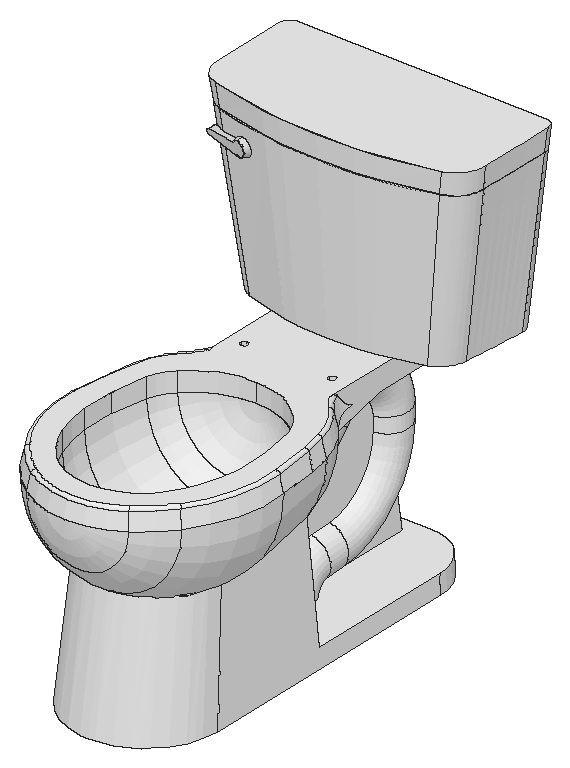
Revit family "Plumbing-Pressure-Assist-Water-Closet-Sloan-Valve-WETS-80098010_", category Plumbing Fixtures, host Face, Revit 2019
Family settings
  Host = Face
  Round Connector Dimension = Use Diameter
  Part Type = Normal
  OmniClass Number = 23.45.05.21.11.11
  OmniClass Title = Water Operated Water Closets
  Cut with Voids When Loaded = No
  Shared = No
  Room Calculation Point = No
Parameters (values of type "WETS-8009.8010")
  Width = 18 1/4"  # constant formula
  Water Closet Code = "2108009"
  Valve Pressure Drop = 0.00 psi
  Tank Code = "2108010"
  Sanitary Drain Connector Description = "Sanitary Drain Connector d2 1/8\""
  Sanitary Drain Connection Diameter = 2 1/8"  # constant formula
  Real Distance to Wall [instance] = if(Distance to Wall < 3/4", 3/4", Distance to Wall)  # 3/4"
  Waste Connection = yes
  WFU = 10
  Vent Connection = yes
  URL = "www.sloanvalve.com"
  Product data url = "https://bimobject.com/sloan_valve/product/pressure-assist-water-closets_sloan_wets-80098010"
  Product Material = Sloan Valve - Vitreous China - White
  Product Guid = ""
  Part Number = "WETS-8009.8010"
  Model = "WETS-8009.8010"
  Minimum Static Pressure = "20 PSI (138 kPa)"  # constant formula
  Maximum Static Pressure = "80 PSI (552 kPa)"  # constant formula
  Manufacturer = "Sloan Valve"  # constant formula
  Keynote = "15410"
  Height = 28 1/4"  # constant formula
  HWFU = 0
  HW Connection = yes
  Flush Rate = "1.28 gpf (4.8 Lpf)"
  Depth = 30 3/8"  # constant formula
  Cold Water Connector Description = "Cold Water Connector d1/2\""
  Cold Water Connection Diameter = 1/2"  # constant formula
  Edition number = 1
  Distance to Wall [instance] = 3/4"
  Description = "Floor-Mounted 1.28 gpf (4.8 Lpf) 12\" Rough-in Pressure-Assisted/Tank Toilet."
  Default Elevation = 0"
  CWFU = 10
  CW Connection = yes
  Assembly Code = "D2010"
  ADA Compliant [instance] = 1 = 2  # no
Reference planes
  plane 1 "Center (Front/Back)": y = 0
  plane 2: z = 0
  plane 3 "Center (Left/Right)": x = 0
  plane 4: x = -201.612
  plane 5: x = 201.613
  plane 6: y = -762.786
  plane 7: y = -19.05
  plane 8: x = -201.612
  plane 9: x = 201.613
  plane 10: y = -756.436
  plane 11: y = -12.7
Forms (mm)
  Blend 1, solid, material "Sloan Valve - Vitreous China - White" <- "Product Material"
    base sketch origin (0, 0, 0) x (1, 0, 0) y (0, 1, 0)
      loop
        arc (-34.925, -45.045) -> (-97.787, -71.084) -> (-123.825, -133.945) r 88.9
        line (-123.825, -133.945) -> (-123.825, -615.95)
        arc (-123.825, -615.95) -> (0, -739.775) -> (123.825, -615.95) r 123.825
        line (123.825, -615.95) -> (123.825, -133.945)
        arc (123.825, -133.945) -> (97.787, -71.084) -> (34.925, -45.045) r 88.9
        line (34.925, -45.045) -> (-34.925, -45.045)
    top sketch origin (0, 0, 0) x (1, 0, 0) y (0, 1, 0)
      loop
        arc (-109.537, -584.301) -> (0, -693.838) -> (109.537, -584.301) r 109.537
        line (109.537, -584.301) -> (109.537, -133.945)
        arc (109.537, -133.945) -> (83.499, -71.084) -> (20.637, -45.045) r 88.9
        line (20.637, -45.045) -> (-20.637, -45.045)
        arc (-20.637, -45.045) -> (-83.499, -71.084) -> (-109.537, -133.945) r 88.9
        line (-109.537, -133.945) -> (-109.537, -584.301)
    from 0 to 312.058
  Extrusion 2, solid, material "Sloan Valve - Vitreous China - White" <- "Product Material"
    sketch origin (0, 0, -25.4) x (0, 1, 0) y (0, 0, 1)
      loop
        line (-369.05, 348.14) -> (-241.882, 379.846) -> (-70.211, 379.846) -> (-64.931, 440.2) -> (-185.947, 440.2)
        arc (-185.947, 440.2) -> (-192.127, 425.28) -> (-207.047, 419.1) r 21.1
        line (-207.047, 419.1) -> (-369.05, 419.1) -> (-369.05, 348.14)
    from -104.047 to 104.047
  Sweep 3, solid, material "Sloan Valve - Vitreous China - White" <- "Product Material"
    path origin (0, 0, 0) x (0, 1, 0) y (0, 0, 1)
      loop
        line (-304.8, 0) -> (-304.8, 30.289)
        arc (-304.8, 30.289) -> (-293.174, 59.429) -> (-264.682, 72.564) r 42.333
        line (-264.682, 72.564) -> (-226.487, 74.566)
        arc (-226.487, 74.566) -> (-134.627, 116.914) -> (-97.145, 210.864) r 136.485
        line (-97.145, 210.864) -> (-97.145, 236.948)
        arc (-97.145, 236.948) -> (-144.28, 307.387) -> (-227.373, 290.682) r 76.2
        arc (-227.373, 290.682) -> (-233.15, 284.615) -> (-238.657, 278.301) r 192.236
        arc (-238.657, 278.301) -> (-334.604, 206.706) -> (-452.54, 186.145) r 257.901
    profile origin (0, -304.8, 15.145) x (0, -1, 0) y (1, 0, 0)
      loop
        circle (0, 0) r 38.1
  Extrusion 4, solid, material "Sloan Valve - Vitreous China - White" <- "Product Material"
    sketch origin (22.443, 0, 0) x (0, 1, 0) y (0, 0, 1)
      loop
        line (-68.2, 389.4) -> (-235.377, 389.4) -> (-261.569, 382.87) -> (-496.95, 175.082) -> (-484.132, 28.575) -> (-70.397, 28.575)
        arc (-70.397, 28.575) -> (-82.455, 126.803) -> (-68.088, 224.72) r 370.607
        arc (-68.088, 224.72) -> (-59.936, 265.377) -> (-58.507, 306.818) r 254
        arc (-58.507, 306.818) -> (-61.916, 348.278) -> (-68.2, 389.4) r 598.021
    from -28.793 to -16.093
  Extrusion 5, solid, not visible
    sketch origin (0, 0, 0) x (1, 0, 0) y (0, 0, 1)
      loop
        circle (-152.4, 254) r 6.35
    from 0 to 0.794
  Blend 6, solid, material "Sloan Valve - Vitreous China - White" <- "Product Material"
    base sketch origin (0, 0.822, 430.81) x (1, 0, 0) y (0, 1, 0)
      loop
        line (-196.16, -48.519) -> (-186.739, -156.202)
        arc (-186.739, -156.202) -> (-176.518, -182.59) -> (-153.766, -199.416) r 50.8
        arc (-153.766, -199.416) -> (0, -226.96) -> (153.766, -199.416) r 442.975
        arc (153.766, -199.416) -> (176.518, -182.59) -> (186.739, -156.202) r 50.8
        line (186.739, -156.202) -> (196.16, -48.519)
        arc (196.16, -48.519) -> (191.227, -33.989) -> (177.182, -27.809) r 19.05
        line (177.182, -27.809) -> (-177.182, -27.809)
        arc (-177.182, -27.809) -> (-191.227, -33.989) -> (-196.16, -48.519) r 19.05
    top sketch origin (0, 0.822, 430.81) x (1, 0, 0) y (0, 1, 0)
      loop
        arc (-212.725, -19.872) -> (-226.195, -25.451) -> (-231.775, -38.922) r 19.05
        line (-231.775, -38.922) -> (-231.775, -172.47)
        arc (-231.775, -172.47) -> (-221.507, -203.094) -> (-194.854, -221.338) r 50.8
        arc (-194.854, -221.338) -> (0, -248.472) -> (194.854, -221.338) r 713.209
        arc (194.854, -221.338) -> (221.507, -203.094) -> (231.775, -172.47) r 50.8
        line (231.775, -172.47) -> (231.775, -38.922)
        arc (231.775, -38.922) -> (226.195, -25.451) -> (212.725, -19.872) r 19.05
        line (212.725, -19.872) -> (-212.725, -19.872)
    from -37.11 to 286.74
  Extrusion 7, solid, material "Sloan Valve - Finish - Polished Chrome"
    sketch origin (-20.292, -269.587, 900.595) x (-0.97881, 0.203994, 0.017847) y (0, 0.087156, -0.996195)
      loop
        line (127, 257.261) -> (188.747, 261.579)
        arc (188.747, 261.579) -> (192.467, 265.466) -> (188.955, 269.542) r 4.001
        line (188.955, 269.542) -> (127, 277.149) -> (127, 257.261)
    from 0 to 12.7
  Revolve 8, solid, material "Sloan Valve - Finish - Polished Chrome"
    sketch origin (-369.854, -1316.287, 809.02) x (-0.204773, -0.975085, -0.085309) y (0, 0.087156, -0.996195)
      loop
        line (-1100.014, 265.639) -> (-1087.314, 265.639) -> (-1087.314, 277.803) -> (-1087.756, 278.482) -> (-1100.014, 282.465) -> (-1100.014, 265.639)
      axis (-1100.014, 265.639) -> (-1087.314, 265.639)
    angle from 0 to 360
  Revolve 9, solid, material "Sloan Valve - Vitreous China - White" <- "Product Material"
    sketch origin (0, -107.509, 360.363) x (1, 0, 0) y (0, 1, 0)
      loop
        line (0, -683.066) -> (0, -633.619)
        arc (0, -633.619) -> (-54.455, -620.155) -> (-96.361, -582.866) r 116.854
        arc (-96.361, -582.866) -> (-108.844, -562.27) -> (-118.928, -540.399) r 213.603
        arc (-118.928, -540.399) -> (-129.044, -507.813) -> (-134.203, -474.085) r 228.843
        arc (-134.203, -474.085) -> (-133.643, -413.542) -> (-122.68, -353.997) r 350.763
        arc (-122.68, -353.997) -> (-114.097, -332.991) -> (-100.788, -314.61) r 95.25
        arc (-100.788, -314.61) -> (-55.004, -282.028) -> (0, -270.524) r 137.251
        line (0, -270.524) -> (0, -209.239)
        arc (0, -209.239) -> (-18.194, -209.694) -> (-36.342, -211.057) r 364.157
        arc (-36.342, -211.057) -> (-122.715, -249.087) -> (-170.133, -330.684) r 152.4
        arc (-170.133, -330.684) -> (-180.229, -386.679) -> (-186.583, -443.221) r 855.912
        arc (-186.583, -443.221) -> (-178.018, -528.288) -> (-140.189, -604.962) r 240.102
        arc (-140.189, -604.962) -> (-116.352, -632.223) -> (-88.426, -655.277) r 223.457
        arc (-88.426, -655.277) -> (-46.345, -675.956) -> (0, -683.066) r 154.581
      axis (0, -209.239) -> (0, -683.066)
    angle from 0 to 180
  Extrusion 10, solid, material "Vitreous China-Sloan-White"
    sketch origin (0, -122.297, -1.685) x (1, 0, 0) y (0, 0, 1)
      loop
        arc (57.698, 221.011) -> (0.981, 212.195) -> (-56.307, 215.748) r 266.082
        line (-56.307, 215.748) -> (-39.243, 151.174)
        arc (-39.243, 151.174) -> (0, 120.954) -> (39.243, 151.174) r 40.59
        line (39.243, 151.174) -> (57.698, 221.011)
    from 346.299 to 429.496
  Blend 11, solid, material "Sloan Valve - Vitreous China - White" <- "Product Material"
    base sketch origin (0, -108.545, 375.1) x (1, 0, 0) y (0, 0, 1)
      loop
        line (25.325, -14.42) -> (-25.325, -14.42) -> (-25.325, -20.654)
        arc (-25.325, -20.654) -> (0, -45.979) -> (25.325, -20.654) r 25.325
        line (25.325, -20.654) -> (25.325, -14.42)
    top sketch origin (0, -108.545, 375.1) x (1, 0, 0) y (0, 0, 1)
      loop
        line (46.038, -14.42) -> (-46.037, -14.42) -> (-46.037, -23.887)
        arc (-46.037, -23.887) -> (0, -69.925) -> (46.038, -23.887) r 46.037
        line (46.038, -23.887) -> (46.038, -14.42)
    from 129.035 to 108.105
  Blend 12, solid, material "Sloan Valve - Vitreous China - White" <- "Product Material"
    base sketch origin (0, -108.545, 375.1) x (1, 0, 0) y (0, 0, 1)
      loop
        line (46.038, -14.42) -> (-46.037, -14.42) -> (-46.037, -23.887)
        arc (-46.037, -23.887) -> (0, -69.925) -> (46.038, -23.887) r 46.037
        line (46.038, -23.887) -> (46.038, -14.42)
    top sketch origin (0, -108.545, 375.1) x (1, 0, 0) y (0, 0, 1)
      loop
        line (46.038, -14.42) -> (-46.037, -14.42) -> (-46.037, -43.731)
        arc (-46.037, -43.731) -> (0, -89.769) -> (46.038, -43.731) r 46.038
        line (46.038, -43.731) -> (46.038, -14.42)
    from 108.105 to 38.1
  Sweep 13, solid, material "Sloan Valve - Vitreous China - White" <- "Product Material"
    path origin (0, -122.297, 0) x (0, 1, 0) y (0, 0, 1)
      loop
        arc (-352.549, 201.173) -> (-327.484, 201.16) -> (-302.744, 205.182) r 155.194
        arc (-302.744, 205.182) -> (-278.132, 217.142) -> (-260.549, 238.11) r 65.532
        arc (-260.549, 238.11) -> (-246.125, 268.805) -> (-234.718, 300.744) r 352.298
        arc (-234.718, 300.744) -> (-234.446, 301.431) -> (-234.066, 302.064) r 4.499
        arc (-234.066, 302.064) -> (-210.936, 321.963) -> (-181.277, 329.121) r 65.024
        line (-181.277, 329.121) -> (-115.283, 329.121)
    profile origin (0, -270.577, 329.121) x (0, 0, 1) y (1, 0, 0)
      loop
        line (25.325, -25.325) -> (25.325, 25.325)
        arc (25.325, 25.325) -> (0, 0) -> (25.325, -25.325) r 25.325
  Sweep 14, solid, material "Sloan Valve - Vitreous China - White" <- "Product Material"
    path origin (0, 0, 0) x (1, 0, 0) y (0, 1, 0)
      loop
        line (-104.047, -185.947) -> (-104.047, -295.646)
        arc (-104.047, -295.646) -> (-111.251, -333.222) -> (-131.841, -365.47) r 101.6
        arc (-131.841, -365.47) -> (-155.982, -399.201) -> (-170.133, -438.192) r 152.4
        arc (-170.133, -438.192) -> (-174.125, -457.895) -> (-177.652, -477.686) r 855.912
        arc (-177.652, -477.686) -> (-182.903, -514.112) -> (-186.583, -550.729) r 855.912
        arc (-186.583, -550.729) -> (-178.018, -635.797) -> (-140.189, -712.47) r 240.102
        arc (-140.189, -712.47) -> (-116.352, -739.732) -> (-88.426, -762.786) r 223.457
        arc (-88.426, -762.786) -> (0, -790.575) -> (88.426, -762.786) r 154.581
        arc (88.426, -762.786) -> (116.352, -739.732) -> (140.189, -712.47) r 223.457
        arc (140.189, -712.47) -> (178.018, -635.797) -> (186.583, -550.729) r 240.102
        arc (186.583, -550.729) -> (182.903, -514.112) -> (177.652, -477.686) r 855.912
        arc (177.652, -477.686) -> (174.125, -457.895) -> (170.133, -438.192) r 855.912
        arc (170.133, -438.192) -> (155.982, -399.201) -> (131.841, -365.47) r 152.4
        arc (131.841, -365.47) -> (111.251, -333.222) -> (104.047, -295.646) r 101.6
        line (104.047, -295.646) -> (104.047, -185.947)
    profile origin (0, -790.575, 0) x (0, 1, 0) y (0, 0, 1)
      loop
        line (0, 360.362) -> (18.191, 360.362) -> (18.191, 393.7) -> (12.748, 393.7)
        arc (12.748, 393.7) -> (8.795, 392.32) -> (6.56, 388.778) r 6.35
        line (6.56, 388.778) -> (0, 360.362)
  Extrusion 15, void
    sketch origin (0, 0, 0) x (1, 0, 0) y (0, 1, 0)
      loop
        arc (118.928, -647.907) -> (129.044, -615.321) -> (134.203, -581.593) r 228.843
        arc (134.203, -581.593) -> (135.243, -552.98) -> (133.946, -524.377) r 350.763
        arc (133.946, -524.377) -> (129.747, -492.684) -> (122.68, -461.506) r 350.763
        arc (122.68, -461.506) -> (114.097, -440.499) -> (100.788, -422.119) r 95.25
        arc (100.788, -422.119) -> (55.004, -389.536) -> (0, -378.032) r 137.251
        arc (0, -378.032) -> (-55.004, -389.536) -> (-100.788, -422.119) r 137.251
        arc (-100.788, -422.119) -> (-114.097, -440.499) -> (-122.68, -461.506) r 95.25
        arc (-122.68, -461.506) -> (-129.747, -492.684) -> (-133.946, -524.377) r 350.763
        arc (-133.946, -524.377) -> (-135.243, -552.98) -> (-134.203, -581.593) r 350.763
        arc (-134.203, -581.593) -> (-129.044, -615.321) -> (-118.928, -647.907) r 228.843
        arc (-118.928, -647.907) -> (-108.844, -669.778) -> (-96.361, -690.375) r 213.603
        arc (-96.361, -690.375) -> (-54.455, -727.664) -> (0, -741.127) r 116.854
        arc (0, -741.127) -> (54.455, -727.664) -> (96.361, -690.375) r 116.854
        arc (96.361, -690.375) -> (108.844, -669.778) -> (118.928, -647.907) r 213.603
    from 360.362 to 393.7
  Extrusion 16, solid, material "Sloan Valve - Vitreous China - White" <- "Product Material"
    sketch origin (0, 0, 0) x (1, 0, 0) y (0, 1, 0)
      loop
        arc (-168.448, -552.159) -> (-160.532, -630.781) -> (-125.569, -701.646) r 221.912
        arc (-125.569, -701.646) -> (-103.673, -726.688) -> (-78.02, -747.865) r 205.266
        arc (-78.02, -747.865) -> (0, -772.384) -> (78.02, -747.865) r 136.39
        arc (78.02, -747.865) -> (103.673, -726.688) -> (125.569, -701.646) r 205.266
        arc (125.569, -701.646) -> (160.532, -630.781) -> (168.448, -552.159) r 221.912
        arc (168.448, -552.159) -> (164.847, -516.319) -> (159.708, -480.668) r 837.721
        arc (159.708, -480.668) -> (156.255, -461.297) -> (152.348, -442.013) r 837.721
        arc (152.348, -442.013) -> (139.886, -407.676) -> (118.627, -377.971) r 134.209
        arc (118.627, -377.971) -> (110.867, -368.903) -> (104.047, -359.107) r 119.791
        line (104.047, -359.107) -> (104.047, -369.05) -> (-104.047, -369.05) -> (-104.047, -359.107)
        arc (-104.047, -359.107) -> (-110.867, -368.903) -> (-118.627, -377.971) r 119.791
        arc (-118.627, -377.971) -> (-139.886, -407.676) -> (-152.348, -442.013) r 134.209
        arc (-152.348, -442.013) -> (-156.255, -461.297) -> (-159.708, -480.668) r 837.721
        arc (-159.708, -480.668) -> (-164.847, -516.319) -> (-168.448, -552.159) r 837.721
    from 360.362 to 393.7
  Extrusion 17, void
    sketch origin (0, 0, 0) x (0, 1, 0) y (0, 0, 1)
      loop
        line (-419.1, 368.114) -> (-395.566, 31.564) -> (-10.202, 31.564) -> (-10.202, 368.114) -> (-419.1, 368.114)
    from -219.74 to 304.8
  Revolve 18, void
    sketch origin (0, -107.509, 360.363) x (1, 0, 0) y (0, 1, 0)
      loop
        line (0, -639.969) -> (0, -264.174)
        arc (0, -264.174) -> (-57.549, -276.21) -> (-105.451, -310.3) r 143.601
        arc (-105.451, -310.3) -> (-119.647, -329.906) -> (-128.802, -352.313) r 101.6
        arc (-128.802, -352.313) -> (-139.964, -412.935) -> (-140.534, -474.574) r 357.113
        arc (-140.534, -474.574) -> (-135.232, -509.238) -> (-124.835, -542.728) r 235.193
        arc (-124.835, -542.728) -> (-114.451, -565.249) -> (-101.598, -586.458) r 219.953
        arc (-101.598, -586.458) -> (-57.414, -625.773) -> (0, -639.969) r 123.204
      axis (0, -264.174) -> (0, -639.969)
    angle from 0 to 180
  Extrusion 19, void
    sketch origin (0, 0, 0) x (1, 0, 0) y (0, 1, 0)
      loop
        arc (-212.725, -19.05) -> (-226.195, -24.63) -> (-231.775, -38.1) r 19.05
        line (-231.775, -38.1) -> (-231.775, -171.649)
        arc (-231.775, -171.649) -> (-221.507, -202.272) -> (-194.854, -220.516) r 50.8
        arc (-194.854, -220.516) -> (0, -247.65) -> (194.854, -220.516) r 713.209
        arc (194.854, -220.516) -> (221.507, -202.272) -> (231.775, -171.649) r 50.8
        line (231.775, -171.649) -> (231.775, -38.1)
        arc (231.775, -38.1) -> (226.195, -24.63) -> (212.725, -19.05) r 19.05
        line (212.725, -19.05) -> (-212.725, -19.05)
      loop
        line (-225.425, -38.1) -> (-225.425, -171.649)
        arc (-225.425, -171.649) -> (-216.441, -198.444) -> (-193.119, -214.408) r 44.45
        arc (-193.119, -214.408) -> (0, -241.3) -> (193.119, -214.408) r 706.859
        arc (193.119, -214.408) -> (216.441, -198.444) -> (225.425, -171.649) r 44.45
        line (225.425, -171.649) -> (225.425, -38.1)
        arc (225.425, -38.1) -> (221.705, -29.12) -> (212.725, -25.4) r 12.7
        line (212.725, -25.4) -> (-212.725, -25.4)
        arc (-212.725, -25.4) -> (-221.705, -29.12) -> (-225.425, -38.1) r 12.7
    from 678.093 to 679.681
  Extrusion 20, void
    sketch origin (0, 0, 0) x (1, 0, 0) y (0, 1, 0)
      loop
        circle (-76.2, -307.975) r 6.35
      loop
        circle (76.2, -307.975) r 6.35
    from 341.312 to 499.954
  Blend 21, solid, material "Sloan Valve - Vitreous China - White" <- "Product Material", not visible
    base sketch origin (0, 6.35, 0) x (1, 0, 0) y (0, 1, 0)
      loop
        arc (-34.925, -45.045) -> (-97.787, -71.084) -> (-123.825, -133.945) r 88.9
        line (-123.825, -133.945) -> (-123.825, -615.95)
        arc (-123.825, -615.95) -> (0, -739.775) -> (123.825, -615.95) r 123.825
        line (123.825, -615.95) -> (123.825, -133.945)
        arc (123.825, -133.945) -> (97.787, -71.084) -> (34.925, -45.045) r 88.9
        line (34.925, -45.045) -> (-34.925, -45.045)
    top sketch origin (0, 6.35, 0) x (1, 0, 0) y (0, 1, 0)
      loop
        arc (-109.537, -584.301) -> (0, -693.838) -> (109.537, -584.301) r 109.537
        line (109.537, -584.301) -> (109.537, -133.945)
        arc (109.537, -133.945) -> (83.499, -71.084) -> (20.637, -45.045) r 88.9
        line (20.637, -45.045) -> (-20.637, -45.045)
        arc (-20.637, -45.045) -> (-83.499, -71.084) -> (-109.537, -133.945) r 88.9
        line (-109.537, -133.945) -> (-109.537, -584.301)
    from 0 to 312.058
  Extrusion 22, solid, material "Sloan Valve - Vitreous China - White" <- "Product Material", not visible
    sketch origin (0, 6.35, -25.4) x (0, 1, 0) y (0, 0, 1)
      loop
        line (-369.05, 348.14) -> (-241.882, 379.846) -> (-70.211, 379.846) -> (-64.931, 440.2) -> (-185.947, 440.2)
        arc (-185.947, 440.2) -> (-192.127, 425.28) -> (-207.047, 419.1) r 21.1
        line (-207.047, 419.1) -> (-369.05, 419.1) -> (-369.05, 348.14)
    from -104.047 to 104.047
  Sweep 23, solid, material "Sloan Valve - Vitreous China - White" <- "Product Material", not visible
    path origin (0, 6.35, 0) x (0, 1, 0) y (0, 0, 1)
      loop
        line (-304.8, 0) -> (-304.8, 30.289)
        arc (-304.8, 30.289) -> (-293.174, 59.429) -> (-264.682, 72.564) r 42.333
        line (-264.682, 72.564) -> (-226.487, 74.566)
        arc (-226.487, 74.566) -> (-134.627, 116.914) -> (-97.145, 210.864) r 136.485
        line (-97.145, 210.864) -> (-97.145, 236.948)
        arc (-97.145, 236.948) -> (-144.28, 307.387) -> (-227.373, 290.682) r 76.2
        arc (-227.373, 290.682) -> (-233.15, 284.615) -> (-238.657, 278.301) r 192.236
        arc (-238.657, 278.301) -> (-334.604, 206.706) -> (-452.54, 186.145) r 257.901
    profile origin (0, -298.45, 15.145) x (0, -1, 0) y (1, 0, 0)
      loop
        circle (0, 0) r 38.1
  Extrusion 24, solid, material "Sloan Valve - Vitreous China - White" <- "Product Material", not visible
    sketch origin (22.443, 6.35, 0) x (0, 1, 0) y (0, 0, 1)
      loop
        line (-68.2, 389.4) -> (-235.377, 389.4) -> (-261.569, 382.87) -> (-496.95, 175.082) -> (-484.132, 28.575) -> (-70.397, 28.575)
        arc (-70.397, 28.575) -> (-82.455, 126.803) -> (-68.088, 224.72) r 370.607
        arc (-68.088, 224.72) -> (-59.936, 265.377) -> (-58.507, 306.818) r 254
        arc (-58.507, 306.818) -> (-61.916, 348.278) -> (-68.2, 389.4) r 598.021
    from -28.793 to -16.093
  Blend 25, solid, material "Sloan Valve - Vitreous China - White" <- "Product Material", not visible
    base sketch origin (0, 7.172, 430.81) x (1, 0, 0) y (0, 1, 0)
      loop
        line (-196.16, -48.519) -> (-186.739, -156.202)
        arc (-186.739, -156.202) -> (-176.518, -182.59) -> (-153.766, -199.416) r 50.8
        arc (-153.766, -199.416) -> (0, -226.96) -> (153.766, -199.416) r 442.975
        arc (153.766, -199.416) -> (176.518, -182.59) -> (186.739, -156.202) r 50.8
        line (186.739, -156.202) -> (196.16, -48.519)
        arc (196.16, -48.519) -> (191.227, -33.989) -> (177.182, -27.809) r 19.05
        line (177.182, -27.809) -> (-177.182, -27.809)
        arc (-177.182, -27.809) -> (-191.227, -33.989) -> (-196.16, -48.519) r 19.05
    top sketch origin (0, 7.172, 430.81) x (1, 0, 0) y (0, 1, 0)
      loop
        arc (-212.725, -19.872) -> (-226.195, -25.451) -> (-231.775, -38.922) r 19.05
        line (-231.775, -38.922) -> (-231.775, -172.47)
        arc (-231.775, -172.47) -> (-221.507, -203.094) -> (-194.854, -221.338) r 50.8
        arc (-194.854, -221.338) -> (0, -248.472) -> (194.854, -221.338) r 713.209
        arc (194.854, -221.338) -> (221.507, -203.094) -> (231.775, -172.47) r 50.8
        line (231.775, -172.47) -> (231.775, -38.922)
        arc (231.775, -38.922) -> (226.195, -25.451) -> (212.725, -19.872) r 19.05
        line (212.725, -19.872) -> (-212.725, -19.872)
    from -37.11 to 286.74
  Extrusion 26, solid, material "Sloan Valve - Finish - Polished Chrome", not visible
    sketch origin (-20.292, -263.237, 900.595) x (-0.97881, 0.203994, 0.017847) y (0, 0.087156, -0.996195)
      loop
        line (127, 257.261) -> (188.747, 261.579)
        arc (188.747, 261.579) -> (192.467, 265.466) -> (188.955, 269.542) r 4.001
        line (188.955, 269.542) -> (127, 277.149) -> (127, 257.261)
    from 0 to 12.7
  Revolve 27, solid, material "Sloan Valve - Finish - Polished Chrome", not visible
    sketch origin (-369.854, -1309.937, 809.02) x (-0.204773, -0.975085, -0.085309) y (0, 0.087156, -0.996195)
      loop
        line (-1100.014, 265.639) -> (-1087.314, 265.639) -> (-1087.314, 277.803) -> (-1087.756, 278.482) -> (-1100.014, 282.465) -> (-1100.014, 265.639)
      axis (-1100.014, 265.639) -> (-1087.314, 265.639)
    angle from 0 to 360
  Revolve 28, solid, material "Sloan Valve - Vitreous China - White" <- "Product Material", not visible
    sketch origin (0, -101.159, 360.363) x (1, 0, 0) y (0, 1, 0)
      loop
        line (0, -683.066) -> (0, -633.619)
        arc (0, -633.619) -> (-54.455, -620.155) -> (-96.361, -582.866) r 116.854
        arc (-96.361, -582.866) -> (-108.844, -562.27) -> (-118.928, -540.399) r 213.603
        arc (-118.928, -540.399) -> (-129.044, -507.813) -> (-134.203, -474.085) r 228.843
        arc (-134.203, -474.085) -> (-133.643, -413.542) -> (-122.68, -353.997) r 350.763
        arc (-122.68, -353.997) -> (-114.097, -332.991) -> (-100.788, -314.61) r 95.25
        arc (-100.788, -314.61) -> (-55.004, -282.028) -> (0, -270.524) r 137.251
        line (0, -270.524) -> (0, -209.239)
        arc (0, -209.239) -> (-18.194, -209.694) -> (-36.342, -211.057) r 364.157
        arc (-36.342, -211.057) -> (-122.715, -249.087) -> (-170.133, -330.684) r 152.4
        arc (-170.133, -330.684) -> (-180.229, -386.679) -> (-186.583, -443.221) r 855.912
        arc (-186.583, -443.221) -> (-178.018, -528.288) -> (-140.189, -604.962) r 240.102
        arc (-140.189, -604.962) -> (-116.352, -632.223) -> (-88.426, -655.277) r 223.457
        arc (-88.426, -655.277) -> (-46.345, -675.956) -> (0, -683.066) r 154.581
      axis (0, -209.239) -> (0, -683.066)
    angle from 0 to 180
  Extrusion 29, solid, material "Vitreous China-Sloan-White", not visible
    sketch origin (0, -115.947, -1.685) x (1, 0, 0) y (0, 0, 1)
      loop
        arc (57.698, 221.011) -> (0.981, 212.195) -> (-56.307, 215.748) r 266.082
        line (-56.307, 215.748) -> (-39.243, 151.174)
        arc (-39.243, 151.174) -> (0, 120.954) -> (39.243, 151.174) r 40.59
        line (39.243, 151.174) -> (57.698, 221.011)
    from 346.299 to 429.496
  Blend 30, solid, material "Sloan Valve - Vitreous China - White" <- "Product Material", not visible
    base sketch origin (0, -102.195, 375.1) x (1, 0, 0) y (0, 0, 1)
      loop
        line (25.325, -14.42) -> (-25.325, -14.42) -> (-25.325, -20.654)
        arc (-25.325, -20.654) -> (0, -45.979) -> (25.325, -20.654) r 25.325
        line (25.325, -20.654) -> (25.325, -14.42)
    top sketch origin (0, -102.195, 375.1) x (1, 0, 0) y (0, 0, 1)
      loop
        line (46.038, -14.42) -> (-46.037, -14.42) -> (-46.037, -23.887)
        arc (-46.037, -23.887) -> (0, -69.925) -> (46.038, -23.887) r 46.037
        line (46.038, -23.887) -> (46.038, -14.42)
    from 129.035 to 108.105
  Blend 31, solid, material "Sloan Valve - Vitreous China - White" <- "Product Material", not visible
    base sketch origin (0, -102.195, 375.1) x (1, 0, 0) y (0, 0, 1)
      loop
        line (46.038, -14.42) -> (-46.037, -14.42) -> (-46.037, -23.887)
        arc (-46.037, -23.887) -> (0, -69.925) -> (46.038, -23.887) r 46.037
        line (46.038, -23.887) -> (46.038, -14.42)
    top sketch origin (0, -102.195, 375.1) x (1, 0, 0) y (0, 0, 1)
      loop
        line (46.038, -14.42) -> (-46.037, -14.42) -> (-46.037, -43.731)
        arc (-46.037, -43.731) -> (0, -89.769) -> (46.038, -43.731) r 46.038
        line (46.038, -43.731) -> (46.038, -14.42)
    from 108.105 to 38.1
  Sweep 32, solid, material "Sloan Valve - Vitreous China - White" <- "Product Material", not visible
    path origin (0, -115.947, 0) x (0, 1, 0) y (0, 0, 1)
      loop
        arc (-352.549, 201.173) -> (-327.484, 201.16) -> (-302.744, 205.182) r 155.194
        arc (-302.744, 205.182) -> (-278.132, 217.142) -> (-260.549, 238.11) r 65.532
        arc (-260.549, 238.11) -> (-246.125, 268.805) -> (-234.718, 300.744) r 352.298
        arc (-234.718, 300.744) -> (-234.446, 301.431) -> (-234.066, 302.064) r 4.499
        arc (-234.066, 302.064) -> (-210.936, 321.963) -> (-181.277, 329.121) r 65.024
        line (-181.277, 329.121) -> (-115.283, 329.121)
    profile origin (0, -264.227, 329.121) x (0, 0, 1) y (1, 0, 0)
      loop
        line (25.325, -25.325) -> (25.325, 25.325)
        arc (25.325, 25.325) -> (0, 0) -> (25.325, -25.325) r 25.325
  Sweep 33, solid, material "Sloan Valve - Vitreous China - White" <- "Product Material", not visible
    path origin (0, 6.35, 0) x (1, 0, 0) y (0, 1, 0)
      loop
        line (-104.047, -185.947) -> (-104.047, -295.646)
        arc (-104.047, -295.646) -> (-111.251, -333.222) -> (-131.841, -365.47) r 101.6
        arc (-131.841, -365.47) -> (-155.982, -399.201) -> (-170.133, -438.192) r 152.4
        arc (-170.133, -438.192) -> (-174.125, -457.895) -> (-177.652, -477.686) r 855.912
        arc (-177.652, -477.686) -> (-182.903, -514.112) -> (-186.583, -550.729) r 855.912
        arc (-186.583, -550.729) -> (-178.018, -635.797) -> (-140.189, -712.47) r 240.102
        arc (-140.189, -712.47) -> (-116.352, -739.732) -> (-88.426, -762.786) r 223.457
        arc (-88.426, -762.786) -> (0, -790.575) -> (88.426, -762.786) r 154.581
        arc (88.426, -762.786) -> (116.352, -739.732) -> (140.189, -712.47) r 223.457
        arc (140.189, -712.47) -> (178.018, -635.797) -> (186.583, -550.729) r 240.102
        arc (186.583, -550.729) -> (182.903, -514.112) -> (177.652, -477.686) r 855.912
        arc (177.652, -477.686) -> (174.125, -457.895) -> (170.133, -438.192) r 855.912
        arc (170.133, -438.192) -> (155.982, -399.201) -> (131.841, -365.47) r 152.4
        arc (131.841, -365.47) -> (111.251, -333.222) -> (104.047, -295.646) r 101.6
        line (104.047, -295.646) -> (104.047, -185.947)
    profile origin (0, -784.225, 0) x (0, 1, 0) y (0, 0, 1)
      loop
        line (0, 360.362) -> (18.191, 360.362) -> (18.191, 393.7) -> (12.748, 393.7)
        arc (12.748, 393.7) -> (8.795, 392.32) -> (6.56, 388.778) r 6.35
        line (6.56, 388.778) -> (0, 360.362)
  Extrusion 34, void, not visible
    sketch origin (0, 6.35, 0) x (1, 0, 0) y (0, 1, 0)
      loop
        arc (118.928, -647.907) -> (129.044, -615.321) -> (134.203, -581.593) r 228.843
        arc (134.203, -581.593) -> (135.243, -552.98) -> (133.946, -524.377) r 350.763
        arc (133.946, -524.377) -> (129.747, -492.684) -> (122.68, -461.506) r 350.763
        arc (122.68, -461.506) -> (114.097, -440.499) -> (100.788, -422.119) r 95.25
        arc (100.788, -422.119) -> (55.004, -389.536) -> (0, -378.032) r 137.251
        arc (0, -378.032) -> (-55.004, -389.536) -> (-100.788, -422.119) r 137.251
        arc (-100.788, -422.119) -> (-114.097, -440.499) -> (-122.68, -461.506) r 95.25
        arc (-122.68, -461.506) -> (-129.747, -492.684) -> (-133.946, -524.377) r 350.763
        arc (-133.946, -524.377) -> (-135.243, -552.98) -> (-134.203, -581.593) r 350.763
        arc (-134.203, -581.593) -> (-129.044, -615.321) -> (-118.928, -647.907) r 228.843
        arc (-118.928, -647.907) -> (-108.844, -669.778) -> (-96.361, -690.375) r 213.603
        arc (-96.361, -690.375) -> (-54.455, -727.664) -> (0, -741.127) r 116.854
        arc (0, -741.127) -> (54.455, -727.664) -> (96.361, -690.375) r 116.854
        arc (96.361, -690.375) -> (108.844, -669.778) -> (118.928, -647.907) r 213.603
    from 360.362 to 393.7
  Extrusion 35, solid, material "Sloan Valve - Vitreous China - White" <- "Product Material", not visible
    sketch origin (0, 6.35, 0) x (1, 0, 0) y (0, 1, 0)
      loop
        arc (-168.448, -552.159) -> (-160.532, -630.781) -> (-125.569, -701.646) r 221.912
        arc (-125.569, -701.646) -> (-103.673, -726.688) -> (-78.02, -747.865) r 205.266
        arc (-78.02, -747.865) -> (0, -772.384) -> (78.02, -747.865) r 136.39
        arc (78.02, -747.865) -> (103.673, -726.688) -> (125.569, -701.646) r 205.266
        arc (125.569, -701.646) -> (160.532, -630.781) -> (168.448, -552.159) r 221.912
        arc (168.448, -552.159) -> (164.847, -516.319) -> (159.708, -480.668) r 837.721
        arc (159.708, -480.668) -> (156.255, -461.297) -> (152.348, -442.013) r 837.721
        arc (152.348, -442.013) -> (139.886, -407.676) -> (118.627, -377.971) r 134.209
        arc (118.627, -377.971) -> (110.867, -368.903) -> (104.047, -359.107) r 119.791
        line (104.047, -359.107) -> (104.047, -369.05) -> (-104.047, -369.05) -> (-104.047, -359.107)
        arc (-104.047, -359.107) -> (-110.867, -368.903) -> (-118.627, -377.971) r 119.791
        arc (-118.627, -377.971) -> (-139.886, -407.676) -> (-152.348, -442.013) r 134.209
        arc (-152.348, -442.013) -> (-156.255, -461.297) -> (-159.708, -480.668) r 837.721
        arc (-159.708, -480.668) -> (-164.847, -516.319) -> (-168.448, -552.159) r 837.721
    from 360.362 to 393.7
  Extrusion 36, void, not visible
    sketch origin (0, 6.35, 0) x (0, 1, 0) y (0, 0, 1)
      loop
        line (-419.1, 368.114) -> (-395.566, 31.564) -> (-10.202, 31.564) -> (-10.202, 368.114) -> (-419.1, 368.114)
    from -219.74 to 304.8
  Revolve 37, void, not visible
    sketch origin (0, -101.159, 360.363) x (1, 0, 0) y (0, 1, 0)
      loop
        line (0, -639.969) -> (0, -264.174)
        arc (0, -264.174) -> (-57.549, -276.21) -> (-105.451, -310.3) r 143.601
        arc (-105.451, -310.3) -> (-119.647, -329.906) -> (-128.802, -352.313) r 101.6
        arc (-128.802, -352.313) -> (-139.964, -412.935) -> (-140.534, -474.574) r 357.113
        arc (-140.534, -474.574) -> (-135.232, -509.238) -> (-124.835, -542.728) r 235.193
        arc (-124.835, -542.728) -> (-114.451, -565.249) -> (-101.598, -586.458) r 219.953
        arc (-101.598, -586.458) -> (-57.414, -625.773) -> (0, -639.969) r 123.204
      axis (0, -264.174) -> (0, -639.969)
    angle from 0 to 180
  Extrusion 38, void, not visible
    sketch origin (0, 6.35, 0) x (1, 0, 0) y (0, 1, 0)
      loop
        arc (-212.725, -19.05) -> (-226.195, -24.63) -> (-231.775, -38.1) r 19.05
        line (-231.775, -38.1) -> (-231.775, -171.649)
        arc (-231.775, -171.649) -> (-221.507, -202.272) -> (-194.854, -220.516) r 50.8
        arc (-194.854, -220.516) -> (0, -247.65) -> (194.854, -220.516) r 713.209
        arc (194.854, -220.516) -> (221.507, -202.272) -> (231.775, -171.649) r 50.8
        line (231.775, -171.649) -> (231.775, -38.1)
        arc (231.775, -38.1) -> (226.195, -24.63) -> (212.725, -19.05) r 19.05
        line (212.725, -19.05) -> (-212.725, -19.05)
      loop
        line (-225.425, -38.1) -> (-225.425, -171.649)
        arc (-225.425, -171.649) -> (-216.441, -198.444) -> (-193.119, -214.408) r 44.45
        arc (-193.119, -214.408) -> (0, -241.3) -> (193.119, -214.408) r 706.859
        arc (193.119, -214.408) -> (216.441, -198.444) -> (225.425, -171.649) r 44.45
        line (225.425, -171.649) -> (225.425, -38.1)
        arc (225.425, -38.1) -> (221.705, -29.12) -> (212.725, -25.4) r 12.7
        line (212.725, -25.4) -> (-212.725, -25.4)
        arc (-212.725, -25.4) -> (-221.705, -29.12) -> (-225.425, -38.1) r 12.7
    from 678.093 to 679.681
  Extrusion 39, void, not visible
    sketch origin (0, 6.35, 0) x (1, 0, 0) y (0, 1, 0)
      loop
        circle (-76.2, -307.975) r 6.35
      loop
        circle (76.2, -307.975) r 6.35
    from 341.312 to 499.954
Cuts and joins
  Extrusion 17, Revolve 18 cuts Blend 1
  Extrusion 20 cuts Extrusion 2
  Extrusion 15 cuts Extrusion 16
  joined: Extrusion 2, Sweep 14, Extrusion 16
  joined: Extrusion 7, Revolve 8
  Extrusion 19 cuts Blend 6
Lines and regions (mm)
  Masking region 1
    outline origin (0, 0, 0) x (1, 0, 0) y (0, 1, 0)
      loop
        line (212.725, -19.05) -> (-212.725, -19.05)
        arc (-212.725, -19.05) -> (-226.195, -24.63) -> (-231.775, -38.1) r 19.05
        line (-231.775, -38.1) -> (-231.775, -171.649)
        arc (-231.775, -171.649) -> (-221.507, -202.272) -> (-194.854, -220.516) r 50.8
        arc (-194.854, -220.516) -> (-159.548, -229.575) -> (-123.825, -236.819) r 713.209
        line (-123.825, -236.819) -> (-123.825, -355.877)
        arc (-123.825, -355.877) -> (-127.686, -360.797) -> (-131.841, -365.47) r 101.6
        arc (-131.841, -365.47) -> (-155.982, -399.201) -> (-170.133, -438.192) r 152.4
        arc (-170.133, -438.192) -> (-174.125, -457.895) -> (-177.652, -477.686) r 855.912
        arc (-177.652, -477.686) -> (-182.903, -514.112) -> (-186.583, -550.729) r 855.912
        arc (-186.583, -550.729) -> (-178.018, -635.797) -> (-140.189, -712.47) r 240.102
        arc (-140.189, -712.47) -> (-116.352, -739.732) -> (-88.426, -762.786) r 223.457
        arc (-88.426, -762.786) -> (0, -790.575) -> (88.426, -762.786) r 154.581
        arc (88.426, -762.786) -> (116.352, -739.732) -> (140.189, -712.47) r 223.457
        arc (140.189, -712.47) -> (178.018, -635.797) -> (186.583, -550.729) r 240.102
        arc (186.583, -550.729) -> (182.903, -514.112) -> (177.652, -477.686) r 855.912
        arc (177.652, -477.686) -> (174.125, -457.895) -> (170.133, -438.192) r 855.912
        arc (170.133, -438.192) -> (155.982, -399.201) -> (131.841, -365.47) r 152.4
        arc (131.841, -365.47) -> (127.686, -360.797) -> (123.825, -355.877) r 101.6
        line (123.825, -355.877) -> (123.825, -236.819)
        arc (123.825, -236.819) -> (159.548, -229.575) -> (194.854, -220.516) r 713.209
        arc (194.854, -220.516) -> (221.507, -202.272) -> (231.775, -171.649) r 50.8
        line (231.775, -171.649) -> (231.775, -38.1)
        arc (231.775, -38.1) -> (226.195, -24.63) -> (212.725, -19.05) r 19.05
  Masking region 2, not visible
    outline origin (0, -2124.178, 0) x (1, 0, 0) y (0, 1, 0)
      loop
        line (212.725, -19.05) -> (-212.725, -19.05)
        arc (-212.725, -19.05) -> (-226.195, -24.63) -> (-231.775, -38.1) r 19.05
        line (-231.775, -38.1) -> (-231.775, -171.649)
        arc (-231.775, -171.649) -> (-221.507, -202.272) -> (-194.854, -220.516) r 50.8
        arc (-194.854, -220.516) -> (-159.548, -229.575) -> (-123.825, -236.819) r 713.209
        line (-123.825, -236.819) -> (-123.825, -355.877)
        arc (-123.825, -355.877) -> (-127.686, -360.797) -> (-131.841, -365.47) r 101.6
        arc (-131.841, -365.47) -> (-155.982, -399.201) -> (-170.133, -438.192) r 152.4
        arc (-170.133, -438.192) -> (-174.125, -457.895) -> (-177.652, -477.686) r 855.912
        arc (-177.652, -477.686) -> (-182.903, -514.112) -> (-186.583, -550.729) r 855.912
        arc (-186.583, -550.729) -> (-178.018, -635.797) -> (-140.189, -712.47) r 240.102
        arc (-140.189, -712.47) -> (-116.352, -739.732) -> (-88.426, -762.786) r 223.457
        arc (-88.426, -762.786) -> (0, -790.575) -> (88.426, -762.786) r 154.581
        arc (88.426, -762.786) -> (116.352, -739.732) -> (140.189, -712.47) r 223.457
        arc (140.189, -712.47) -> (178.018, -635.797) -> (186.583, -550.729) r 240.102
        arc (186.583, -550.729) -> (182.903, -514.112) -> (177.652, -477.686) r 855.912
        arc (177.652, -477.686) -> (174.125, -457.895) -> (170.133, -438.192) r 855.912
        arc (170.133, -438.192) -> (155.982, -399.201) -> (131.841, -365.47) r 152.4
        arc (131.841, -365.47) -> (127.686, -360.797) -> (123.825, -355.877) r 101.6
        line (123.825, -355.877) -> (123.825, -236.819)
        arc (123.825, -236.819) -> (159.548, -229.575) -> (194.854, -220.516) r 713.209
        arc (194.854, -220.516) -> (221.507, -202.272) -> (231.775, -171.649) r 50.8
        line (231.775, -171.649) -> (231.775, -38.1)
        arc (231.775, -38.1) -> (226.195, -24.63) -> (212.725, -19.05) r 19.05
  symbolic lines, detail levels medium+fine
    curve 1: arc (-123.825, -236.819, 0) -> (0, -247.65, 0) -> (123.825, -236.819, 0) r 713.209
  symbolic lines, detail levels fine
    curve 2: arc (-100.788, -422.119, 0) -> (-55.004, -389.536, 0) -> (0, -378.032, 0) r 137.251
    curve 3: arc (0, -378.032, 0) -> (55.004, -389.536, 0) -> (100.788, -422.119, 0) r 137.251
    curve 4: arc (100.788, -422.119, 0) -> (114.097, -440.499, 0) -> (122.68, -461.506, 0) r 95.25
    curve 5: arc (122.68, -461.506, 0) -> (129.747, -492.684, 0) -> (133.946, -524.377, 0) r 350.763
    curve 6: arc (133.946, -524.377, 0) -> (135.243, -552.98, 0) -> (134.203, -581.593, 0) r 350.763
    curve 7: arc (134.203, -581.593, 0) -> (129.044, -615.321, 0) -> (118.928, -647.907, 0) r 228.843
    curve 8: arc (118.928, -647.907, 0) -> (108.844, -669.778, 0) -> (96.361, -690.375, 0) r 213.603
    curve 9: arc (96.361, -690.375, 0) -> (54.455, -727.664, 0) -> (0, -741.127, 0) r 116.854
    curve 10: arc (0, -741.127, 0) -> (-54.455, -727.664, 0) -> (-96.361, -690.375, 0) r 116.854
    curve 11: arc (-96.361, -690.375, 0) -> (-108.844, -669.778, 0) -> (-118.928, -647.907, 0) r 213.603
    curve 12: arc (-118.928, -647.907, 0) -> (-129.044, -615.321, 0) -> (-134.203, -581.593, 0) r 228.843
    curve 13: arc (-134.203, -581.593, 0) -> (-135.243, -552.98, 0) -> (-133.946, -524.377, 0) r 350.763
    curve 14: arc (-133.946, -524.377, 0) -> (-129.747, -492.684, 0) -> (-122.68, -461.506, 0) r 350.763
    curve 15: arc (-122.68, -461.506, 0) -> (-114.097, -440.499, 0) -> (-100.788, -422.119, 0) r 95.25
    curve 16: circle (-76.2, -307.975, 0) r 6.35 normal (0, 0, 1)
    curve 17: circle (76.2, -307.975, 0) r 6.35 normal (0, 0, 1)
  symbolic lines, not visible, detail levels medium+fine
    curve 18: arc (-123.825, -2360.996, 0) -> (0, -2371.828, 0) -> (123.825, -2360.996, 0) r 713.209
  symbolic lines, not visible, detail levels fine
    curve 19: arc (-100.788, -2546.297, 0) -> (-55.004, -2513.714, 0) -> (0, -2502.21, 0) r 137.251
    curve 20: arc (0, -2502.21, 0) -> (55.004, -2513.714, 0) -> (100.788, -2546.297, 0) r 137.251
    curve 21: arc (100.788, -2546.297, 0) -> (114.097, -2564.677, 0) -> (122.68, -2585.683, 0) r 95.25
    curve 22: arc (122.68, -2585.683, 0) -> (129.747, -2616.862, 0) -> (133.946, -2648.554, 0) r 350.763
    curve 23: arc (133.946, -2648.554, 0) -> (135.243, -2677.157, 0) -> (134.203, -2705.771, 0) r 350.763
    curve 24: arc (134.203, -2705.771, 0) -> (129.044, -2739.499, 0) -> (118.928, -2772.085, 0) r 228.843
    curve 25: arc (118.928, -2772.085, 0) -> (108.844, -2793.956, 0) -> (96.361, -2814.553, 0) r 213.603
    curve 26: arc (96.361, -2814.553, 0) -> (54.455, -2851.841, 0) -> (0, -2865.305, 0) r 116.854
    curve 27: arc (0, -2865.305, 0) -> (-54.455, -2851.841, 0) -> (-96.361, -2814.553, 0) r 116.854
    curve 28: arc (-96.361, -2814.553, 0) -> (-108.844, -2793.956, 0) -> (-118.928, -2772.085, 0) r 213.603
    curve 29: arc (-118.928, -2772.085, 0) -> (-129.044, -2739.499, 0) -> (-134.203, -2705.771, 0) r 228.843
    curve 30: arc (-134.203, -2705.771, 0) -> (-135.243, -2677.157, 0) -> (-133.946, -2648.554, 0) r 350.763
    curve 31: arc (-133.946, -2648.554, 0) -> (-129.747, -2616.862, 0) -> (-122.68, -2585.683, 0) r 350.763
    curve 32: arc (-122.68, -2585.683, 0) -> (-114.097, -2564.677, 0) -> (-100.788, -2546.297, 0) r 95.25
    curve 33: circle (-76.2, -2432.153, 0) r 6.35 normal (0, 0, 1)
    curve 34: circle (76.2, -2432.153, 0) r 6.35 normal (0, 0, 1)
Dimensions and locks
  plane 1 "Center (Front/Back)" to plane 7 = 3/4"
  "Real Distance to Wall": plane 7 to plane 1 "Center (Front/Back)"
  aligned and locked: plane 2 to host face
  aligned and locked: level to host face
  aligned and locked: Masking region 1 to plane 7
Automatic sketch dimensions
  host sketch curve to host sketch curve = 96"  (x2)
  Masking region 1 sketch curve to Masking region 1 sketch curve = 0"  (x15)
  Masking region 1 sketch curve to Masking region 1 sketch curve = 17.12237"
  Masking region 1 sketch curve to Masking region 1 sketch curve = 3/4"
  Masking region 1 sketch curve to Masking region 1 sketch curve = 1.02866"
  Masking region 1 sketch curve to Masking region 1 sketch curve = 2"  (x2)
  Masking region 1 sketch curve to Masking region 1 sketch curve = 2 1/4"  (x2)
  Masking region 1 sketch curve to Masking region 1 sketch curve = 2.79716"
  Masking region 1 sketch curve to Masking region 1 sketch curve = 0.52667"  (x2)
  Masking region 1 sketch curve to Masking region 1 sketch curve = 1.24583"
  Masking region 1 sketch curve to Masking region 1 sketch curve = 8 3/8"
  Masking region 1 sketch curve to Masking region 1 sketch curve = 1.55117"  (x2)
  Masking region 1 sketch curve to Masking region 1 sketch curve = 1.66402"
  Masking region 1 sketch curve to Masking region 1 sketch curve = 9 3/4"
  Masking region 1 sketch curve to Masking region 1 sketch curve = 3.22134"
  Masking region 1 sketch curve to Masking region 1 sketch curve = 1 1/4"
  Masking region 1 sketch curve to Masking region 1 sketch curve = 18.15103"
  Masking region 1 sketch curve to Masking region 1 sketch curve = 0.70915"  (x2)
  Masking region 1 sketch curve to Masking region 1 sketch curve = 2.22418"  (x2)
  Masking region 1 sketch curve to Masking region 1 sketch curve = 0.38996"  (x2)
  Masking region 1 sketch curve to Masking region 1 sketch curve = 3.913"
  Masking region 1 sketch curve to Masking region 1 sketch curve = 4.50109"  (x2)
  Masking region 1 sketch curve to Masking region 1 sketch curve = 2.37129"  (x2)
  Masking region 1 sketch curve to Masking region 1 sketch curve = 2.31605"  (x2)
  Masking region 1 sketch curve to Masking region 1 sketch curve = 2.56575"  (x2)
  Masking region 1 sketch curve to Masking region 1 sketch curve = 5 33/128"
  Masking region 1 sketch curve to Masking region 1 sketch curve = 19.0791"
  Masking region 1 sketch curve to Masking region 1 sketch curve = 5.26793"
  Masking region 1 sketch curve to Masking region 1 sketch curve = 0.29604"  (x2)
  Masking region 2 sketch curve to Masking region 2 sketch curve = 0"  (x15)
  Masking region 2 sketch curve to Masking region 2 sketch curve = 17.12237"
  Masking region 2 sketch curve to Masking region 2 sketch curve = 3/4"
  Masking region 2 sketch curve to Masking region 2 sketch curve = 1.02866"
  Masking region 2 sketch curve to Masking region 2 sketch curve = 2"  (x2)
  Masking region 2 sketch curve to Masking region 2 sketch curve = 2 1/4"  (x2)
  Masking region 2 sketch curve to Masking region 2 sketch curve = 2.79716"
  Masking region 2 sketch curve to Masking region 2 sketch curve = 0.52667"  (x2)
  Masking region 2 sketch curve to Masking region 2 sketch curve = 1.24583"
  Masking region 2 sketch curve to Masking region 2 sketch curve = 8 3/8"
  Masking region 2 sketch curve to Masking region 2 sketch curve = 1.55117"  (x2)
  Masking region 2 sketch curve to Masking region 2 sketch curve = 1.66402"
  Masking region 2 sketch curve to Masking region 2 sketch curve = 9 3/4"
  Masking region 2 sketch curve to Masking region 2 sketch curve = 3.22134"
  Masking region 2 sketch curve to Masking region 2 sketch curve = 1 1/4"
  Masking region 2 sketch curve to Masking region 2 sketch curve = 18.15103"
  Masking region 2 sketch curve to Masking region 2 sketch curve = 0.70915"  (x2)
  Masking region 2 sketch curve to Masking region 2 sketch curve = 2.22418"  (x2)
  Masking region 2 sketch curve to Masking region 2 sketch curve = 0.38996"  (x2)
  Masking region 2 sketch curve to Masking region 2 sketch curve = 3.913"
  Masking region 2 sketch curve to Masking region 2 sketch curve = 4.50109"  (x2)
  Masking region 2 sketch curve to Masking region 2 sketch curve = 2.37129"  (x2)
  Masking region 2 sketch curve to Masking region 2 sketch curve = 2.31605"  (x2)
  Masking region 2 sketch curve to Masking region 2 sketch curve = 2.56575"  (x2)
  Masking region 2 sketch curve to Masking region 2 sketch curve = 5 33/128"
  Masking region 2 sketch curve to Masking region 2 sketch curve = 19.0791"
  Masking region 2 sketch curve to Masking region 2 sketch curve = 5.26793"
  Masking region 2 sketch curve to Masking region 2 sketch curve = 0.29604"  (x2)
  plane 7 to Blend 1 sketch curve = 23 1/2"
  Blend 1 sketch curve to Blend 1 sketch curve = 3 1/2"  (x2)
  Blend 1 sketch curve to Blend 1 sketch curve = 4 7/8"
  Blend 1 sketch curve to Blend 1 sketch curve = 2 3/4"
  plane 7 to Blend 1 sketch curve = 4 67/128"
  plane 7 to Blend 1 sketch curve = 22.25397"
  plane 7 to Blend 1 sketch curve = 1 3/128"
  Blend 1 sketch curve to Blend 1 sketch curve = 4 5/16"
  Blend 1 sketch curve to Blend 1 sketch curve = 1 5/8"
  plane 7 to Extrusion 2 sketch curve = 13.77953"
  Extrusion 2 sketch curve to Extrusion 2 sketch curve = 5.00662"
  Extrusion 2 sketch curve to Extrusion 2 sketch curve = 1.37144"
  Extrusion 2 sketch curve to Extrusion 2 sketch curve = 0.83072"
  plane 7 to Extrusion 2 sketch curve = 2.01421"
  plane 7 to Extrusion 2 sketch curve = 1.80632"
  Extrusion 2 sketch curve to Extrusion 2 sketch curve = 1.24829"
  Extrusion 2 sketch curve to Extrusion 2 sketch curve = 2.7937"
  plane 7 to Sweep 3 sketch curve = 16.44118"
  plane 7 to Sweep 3 sketch curve = 11 1/4"
  Sweep 3 sketch curve to Sweep 3 sketch curve = 1.57944"
  Sweep 3 sketch curve to Sweep 3 sketch curve = 1.66667"
  Sweep 3 sketch curve to Sweep 3 sketch curve = 1.22254"
  Sweep 3 sketch curve to Sweep 3 sketch curve = 1.50376"
  Sweep 3 sketch curve to Sweep 3 sketch curve = 2.37343"
  Sweep 3 sketch curve to Sweep 3 sketch curve = 3"
  Sweep 3 sketch curve to Sweep 3 sketch curve = 0.23912"
  Sweep 3 sketch curve to Sweep 3 sketch curve = 0.07881"
  Sweep 3 sketch curve to Sweep 3 sketch curve = 2.19457"
  Sweep 3 sketch curve to Sweep 3 sketch curve = 1.02691"
  Sweep 3 sketch curve to Sweep 3 sketch curve = 6.01869"
  Sweep 3 sketch curve to Sweep 3 sketch curve = 5.81653"
  Sweep 3 sketch curve to Sweep 3 sketch curve = 0.44425"
  Sweep 3 sketch curve to Sweep 3 sketch curve = 0"
  Sweep 3 sketch curve to Sweep 3 sketch curve = 1.19248"
  Sweep 3 sketch curve to profile plane = 0"  (x2)
  plane 7 to Extrusion 4 sketch curve = 25.07129"
  Extrusion 4 sketch curve to Extrusion 4 sketch curve = 6.25633"
  Extrusion 4 sketch curve to Extrusion 4 sketch curve = 0.50463"
  Extrusion 4 sketch curve to Extrusion 4 sketch curve = 7.2727"
  Extrusion 4 sketch curve to Extrusion 4 sketch curve = 1.99428"
  Extrusion 4 sketch curve to Extrusion 4 sketch curve = 1.03117"
  plane 7 to Extrusion 4 sketch curve = 2.02153"
  plane 7 to Extrusion 4 sketch curve = 1.93503"
  Extrusion 4 sketch curve to plane 7 = 12.09356"
  Extrusion 4 sketch curve to Extrusion 4 sketch curve = 3.6955"
  Extrusion 4 sketch curve to Extrusion 4 sketch curve = 5.768"
  Extrusion 4 sketch curve to Extrusion 4 sketch curve = 4 19/256"
  Extrusion 4 sketch curve to Extrusion 4 sketch curve = 4.71404"
  Extrusion 4 sketch curve to Extrusion 4 sketch curve = 3.46658"
  Extrusion 4 sketch curve to Extrusion 4 sketch curve = 0.2571"
  Extrusion 4 sketch curve to Extrusion 4 sketch curve = 0"
  plane 4 to Blend 6 sketch curve = 0.21467"
  plane 4 to Blend 6 sketch curve = 0.58558"
  plane 7 to Blend 6 sketch curve = 5/16"
  plane 4 to Blend 6 sketch curve = 0.96182"
  Blend 6 sketch curve to Blend 6 sketch curve = 1.99239"
  plane 4 to Blend 6 sketch curve = 7 15/16"
  plane 5 to Blend 6 sketch curve = 2.57797"
  plane 5 to Blend 6 sketch curve = 0.96182"
  plane 5 to Blend 6 sketch curve = 0.58558"
  plane 5 to Blend 6 sketch curve = 0.21467"
  Blend 6 sketch curve to Blend 6 sketch curve = 3/4"  (x2)
  Blend 6 sketch curve to Blend 6 sketch curve = 4.13053"  (x2)
  Blend 6 sketch curve to Blend 6 sketch curve = 0.17431"  (x2)
  Blend 6 sketch curve to plane 7 = 9.28691"
  Blend 6 sketch curve to Blend 6 sketch curve = 0"  (x2)
  plane 7 to Blend 6 sketch curve = 0"
  plane 7 to Blend 6 sketch curve = 6 1/128"  (x2)
  plane 7 to Blend 6 sketch curve = 3/4"  (x2)
  Blend 6 sketch curve to Blend 6 sketch curve = 2"
  Blend 6 sketch curve to Blend 6 sketch curve = 8 3/8"
  Blend 6 sketch curve to Blend 6 sketch curve = 14 1/4"
  Blend 6 sketch curve to Blend 6 sketch curve = 1 1/4"
  Blend 6 sketch curve to plane 7 = 19.0791"
  Extrusion 7 sketch curve to Extrusion 7 sketch curve = 2.41998"
  Extrusion 7 sketch curve to Extrusion 7 sketch curve = 0.01099"
  Extrusion 7 sketch curve to Extrusion 7 sketch curve = 0.0192"
  Extrusion 7 sketch curve to Extrusion 7 sketch curve = 0.16999"
  Extrusion 7 sketch curve to Extrusion 7 sketch curve = 0.15715"
  Extrusion 7 sketch curve to Extrusion 7 sketch curve = 0.78299"
  Revolve 8 sketch curve to Revolve 8 sketch curve = 0.48262"
  Revolve 8 sketch curve to Revolve 8 sketch curve = 1/2"
  Revolve 8 sketch curve to Revolve 8 sketch curve = 0.47889"
  Revolve 8 sketch curve to Revolve 8 sketch curve = 0.02676"
  Revolve 8 sketch curve to Revolve 8 sketch curve = 0.15681"
  Revolve 8 sketch curve to Revolve 8 sketch curve = 0"  (x2)
  Revolve 8 sketch curve to Revolve 8 sketch curve = 0.11261"
  plane 7 to Revolve 9 sketch curve = 18.41431"
  Revolve 9 sketch curve to Revolve 9 sketch curve = 0.38226"
  Revolve 9 sketch curve to Revolve 9 sketch curve = 213/256"
  Revolve 9 sketch curve to Revolve 9 sketch curve = 0"  (x10)
  Revolve 9 sketch curve to Revolve 9 sketch curve = 1.55117"
  Revolve 9 sketch curve to Revolve 9 sketch curve = 0.52667"
  Revolve 9 sketch curve to Revolve 9 sketch curve = 1.06316"
  Revolve 9 sketch curve to Revolve 9 sketch curve = 0.55817"
  Revolve 9 sketch curve to Revolve 9 sketch curve = 4.78572"
  Revolve 9 sketch curve to Revolve 9 sketch curve = 17.76248"
  Revolve 9 sketch curve to Revolve 9 sketch curve = 1.12242"
  Revolve 9 sketch curve to Revolve 9 sketch curve = 1.54616"
  Revolve 9 sketch curve to Revolve 9 sketch curve = 1.91616"
  Revolve 9 sketch curve to Revolve 9 sketch curve = 0.22012"
  Revolve 9 sketch curve to Revolve 9 sketch curve = 0.002"
  Revolve 9 sketch curve to Revolve 9 sketch curve = 0.38996"
  Revolve 9 sketch curve to Revolve 9 sketch curve = 2.4971"
  Revolve 9 sketch curve to Revolve 9 sketch curve = 1.76271"
  Revolve 9 sketch curve to Revolve 9 sketch curve = 0.46147"
  Revolve 9 sketch curve to Revolve 9 sketch curve = 1.76813"
  Revolve 9 sketch curve to Revolve 9 sketch curve = 2.37097"
  Revolve 9 sketch curve to Revolve 9 sketch curve = 1.94676"
  Revolve 9 sketch curve to Revolve 9 sketch curve = 0.65231"
  Revolve 9 sketch curve to Revolve 9 sketch curve = 3.62883"
  Revolve 9 sketch curve to Revolve 9 sketch curve = 2.41279"
  Revolve 9 sketch curve to Revolve 9 sketch curve = 0.18389"
  Revolve 9 sketch curve to Revolve 9 sketch curve = 1/2"
  Extrusion 10 sketch curve to Extrusion 10 sketch curve = 0.67182"
  Extrusion 10 sketch curve to Extrusion 10 sketch curve = 1.77234"
  Extrusion 10 sketch curve to Extrusion 10 sketch curve = 1.545"  (x2)
  Extrusion 10 sketch curve to Extrusion 10 sketch curve = 93/128"
  Extrusion 10 sketch curve to Extrusion 10 sketch curve = 0.40828"
  Extrusion 10 sketch curve to Extrusion 10 sketch curve = 2.54228"
  Extrusion 10 sketch curve to Extrusion 10 sketch curve = 2.74948"
  Blend 11 sketch curve to Blend 11 sketch curve = 0.99706"
  Blend 11 sketch curve to Blend 11 sketch curve = 0.24541"
  Blend 11 sketch curve to Blend 11 sketch curve = 1 13/16"
  Blend 11 sketch curve to Blend 11 sketch curve = 0.37271"
  Blend 12 sketch curve to Blend 12 sketch curve = 1 13/16"  (x2)
  Blend 12 sketch curve to Blend 12 sketch curve = 0.37271"
  Blend 12 sketch curve to Blend 12 sketch curve = 1.15396"
  plane 7 to Sweep 13 sketch curve = 26.57715"
  Sweep 13 sketch curve to Sweep 13 sketch curve = 9.12902"
  Sweep 13 sketch curve to Sweep 13 sketch curve = 0.84594"
  Sweep 13 sketch curve to Sweep 13 sketch curve = 3.46596"
  Sweep 13 sketch curve to Sweep 13 sketch curve = 1.9345"
  Sweep 13 sketch curve to Sweep 13 sketch curve = 0.18533"
  Sweep 13 sketch curve to Sweep 13 sketch curve = 1.3913"
  Sweep 13 sketch curve to Sweep 13 sketch curve = 1.1687"
  Sweep 13 sketch curve to Sweep 13 sketch curve = 3.42714"
  Sweep 13 sketch curve to Sweep 13 sketch curve = 1.86098"
  Sweep 13 sketch curve to Sweep 13 sketch curve = 1.34254"
  Sweep 13 sketch curve to Sweep 13 sketch curve = 1.96082"
  Sweep 13 sketch curve to Sweep 13 sketch curve = 0"  (x3)
  Sweep 13 sketch curve to Sweep 13 sketch curve = 2.59819"
  Sweep 13 sketch curve to profile plane = 0"
  Sweep 13 sketch curve to profile plane = 0.99706"  (x2)
  Sweep 14 sketch curve to Sweep 14 sketch curve = 0"  (x10)
  Sweep 14 sketch curve to plane 6 = 0"  (x4)
  plane 6 to Sweep 14 sketch curve = 5.70094"  (x2)
  plane 7 to Sweep 14 sketch curve = 10.88962"
  Sweep 14 sketch curve to Sweep 14 sketch curve = 18.15103"  (x2)
  Sweep 14 sketch curve to Sweep 14 sketch curve = 4"  (x2)
  Sweep 14 sketch curve to Sweep 14 sketch curve = 2.01849"
  Sweep 14 sketch curve to Sweep 14 sketch curve = 0.52667"  (x2)
  Sweep 14 sketch curve to Sweep 14 sketch curve = 1.24583"
  Sweep 14 sketch curve to Sweep 14 sketch curve = 1.55117"  (x2)
  Sweep 14 sketch curve to Sweep 14 sketch curve = 1.66402"
  Sweep 14 sketch curve to Sweep 14 sketch curve = 3.26432"
  plane 6 to Sweep 14 sketch curve = 4.99179"
  Sweep 14 sketch curve to Sweep 14 sketch curve = 2.22418"
  Sweep 14 sketch curve to Sweep 14 sketch curve = 0.38996"  (x2)
  Sweep 14 sketch curve to Sweep 14 sketch curve = 3.913"
  Sweep 14 sketch curve to Sweep 14 sketch curve = 6.87238"
  Sweep 14 sketch curve to Sweep 14 sketch curve = 5.26793"
  Sweep 14 sketch curve to Sweep 14 sketch curve = 0.29604"  (x2)
  Sweep 14 sketch curve to Sweep 14 sketch curve = 4.31887"  (x2)
  Sweep 14 sketch curve to profile plane = 0"
  Sweep 14 sketch curve to profile plane = 0.25828"
  Sweep 14 sketch curve to Sweep 14 sketch curve = 0.24359"
  Sweep 14 sketch curve to profile plane = 0.71616"
  profile plane to Sweep 14 sketch curve = 14 3/16"
  Sweep 14 sketch curve to Sweep 14 sketch curve = 1 1/16"
  Sweep 14 sketch curve to Sweep 14 sketch curve = 0.05624"
  Extrusion 15 sketch curve to Extrusion 15 sketch curve = 0"  (x18)
  plane 7 to Extrusion 15 sketch curve = 21.08289"
  Extrusion 15 sketch curve to Extrusion 15 sketch curve = 4.78572"  (x2)
  Extrusion 15 sketch curve to Extrusion 15 sketch curve = 0.55817"  (x2)
  Extrusion 15 sketch curve to Extrusion 15 sketch curve = 1.92673"  (x2)
  Extrusion 15 sketch curve to Extrusion 15 sketch curve = 3.141"
  Extrusion 15 sketch curve to Extrusion 15 sketch curve = 1.21427"  (x2)
  Extrusion 15 sketch curve to Extrusion 15 sketch curve = 0.37"  (x2)
  Extrusion 15 sketch curve to Extrusion 15 sketch curve = 0.22012"  (x2)
  Extrusion 15 sketch curve to Extrusion 15 sketch curve = 2.15467"
  Extrusion 15 sketch curve to Extrusion 15 sketch curve = 2.13627"
  Extrusion 15 sketch curve to Extrusion 15 sketch curve = 1.12242"  (x2)
  Extrusion 15 sketch curve to Extrusion 15 sketch curve = 1.58443"
  Extrusion 15 sketch curve to Extrusion 15 sketch curve = 1.57431"  (x2)
  Extrusion 16 sketch curve to Extrusion 16 sketch curve = 0"  (x13)
  plane 7 to Extrusion 16 sketch curve = 23.57999"  (x2)
  plane 7 to Extrusion 16 sketch curve = 10.88962"
